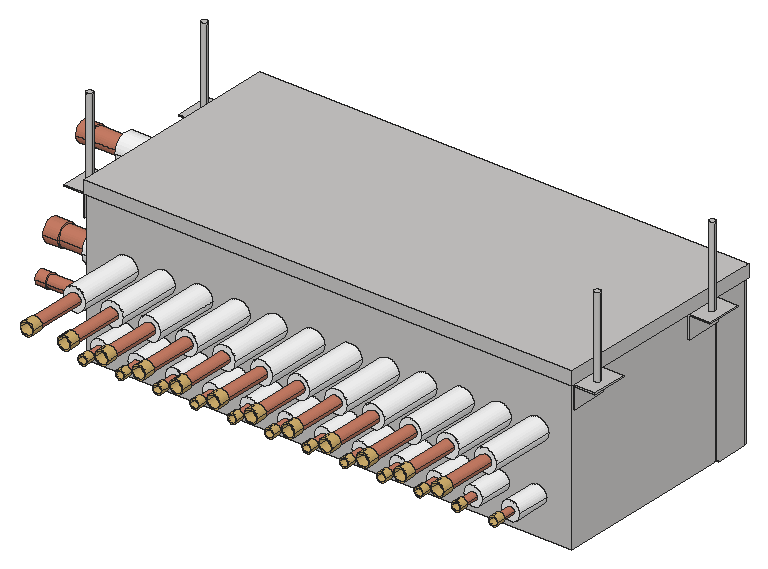
Revit family "Changeover_Box-VRF-Non_ducted-JCI-12_Port", category Mechanical Equipment, Revit 2014 (continued)
Dimensions and locks (in)
  radius of Extrusion 13 sketch curve = 0.200"
  "Length 2": radius of Extrusion 16 sketch curve  (x12)
  "Indoor Gas Body Radius": radius of Extrusion 17 sketch curve  (x12)
  "Indoor Gas Socket Outside Radius": radius of Extrusion 18 sketch curve  (x12)
  "Indoor Gas Socket Inside Radius": radius of Extrusion 19 sketch curve  (x12)
  "Indoor Liquid Body Radius": radius of Extrusion 20 sketch curve  (x12)
  "Indoor Liquid Socket Outside Radius": radius of Extrusion 21 sketch curve  (x12)
  "Indoor Liquid Socket Inside Radius": radius of Extrusion 22 sketch curve  (x12)
  "Length 3": radius of Extrusion 24 sketch curve  (x12)
  "Power Conduit Radius": radius of Extrusion 25 sketch curve
  "Comms Conduit Radius": radius of Extrusion 25 sketch curve  (x3)
  "Angle 1": angle Revolve 7 sketch curve to Revolve 7 sketch curve
  "Angle 1": angle Revolve 8 sketch curve to Revolve 8 sketch curve
  "Angle 1": angle Revolve 9 sketch curve to Revolve 9 sketch curve
  aligned and locked: Extrusion 1 sketch curve to plane 12 "Top"
  aligned and locked: plane 13 "Bottom" to Extrusion 1 sketch curve
  aligned and locked: plane 10 "Left Bolt Pitch" to Extrusion 2 sketch curve  (x2)
  aligned and locked: plane 11 "Right Bolt Pitch" to Extrusion 2 sketch curve  (x2)
  aligned and locked: plane 17 "Hanging Rods Height" to Extrusion 2
  aligned and locked: plane 2 to plane 13 "Bottom"
  aligned and locked: plane 6 "lid left" to Masking region 1 sketch curve
  aligned and locked: Masking region 1 sketch curve to plane 4 "Back"
  aligned and locked: Masking region 1 sketch curve to plane 7 "lid right"
  aligned and locked: Masking region 2 sketch curve to plane 12 "Top"
  aligned and locked: plane 6 "lid left" to Masking region 2 sketch curve
  aligned and locked: plane 13 "Bottom" to Masking region 2 sketch curve
  aligned and locked: Masking region 2 sketch curve to plane 7 "lid right"
  aligned and locked: Masking region 3 sketch curve to plane 12 "Top"
  aligned and locked: plane 5 "Front" to Masking region 3 sketch curve
  aligned and locked: Masking region 3 sketch curve to plane 4 "Back"
  aligned and locked: plane 13 "Bottom" to Masking region 3 sketch curve
  aligned and locked: plane 10 "Left Bolt Pitch" to curve 1
  aligned and locked: plane 11 "Right Bolt Pitch" to curve 2
  aligned and locked: plane 5 "Front" to Extrusion 1 sketch curve
  aligned and locked: Extrusion 1 sketch curve to plane 4 "Back"
  aligned and locked: plane 16 "bracket 1 front" to curve 3
  aligned and locked: curve 3 to plane 15 "plate bottom"
  aligned and locked: plane 17 "Hanging Rods Height" to curve 4
  aligned and locked: Masking region 4 sketch curve to plane 17 "Hanging Rods Height"  (x2)
  aligned and locked: Masking region 5 sketch curve to plane 14 "plate top"
  aligned and locked: plane 14 "plate top" to Masking region 5 sketch curve
  aligned and locked: plane 8 "upper bracket left" to Masking region 5 sketch curve
  aligned and locked: plane 15 "plate bottom" to Masking region 5 sketch curve
  aligned and locked: Masking region 5 sketch curve to plane 6 "lid left"
  aligned and locked: plane 9 "upper bracket right" to Masking region 5 sketch curve
  aligned and locked: Masking region 5 sketch curve to plane 7 "lid right"
  aligned and locked: Masking region 5 sketch curve to plane 15 "plate bottom"
  aligned and locked: plane 8 "upper bracket left" to curve 5
  aligned and locked: plane 6 "lid left" to curve 5
  aligned and locked: curve 5 to plane 14 "plate top"
  aligned and locked: plane 7 "lid right" to curve 6
  aligned and locked: plane 9 "upper bracket right" to curve 6
  aligned and locked: curve 6 to plane 14 "plate top"
  aligned and locked: plane 17 "Hanging Rods Height" to curve 7
  aligned and locked: plane 17 "Hanging Rods Height" to curve 8
  aligned and locked: plane 18 "bolt bottom" to curve 7
  aligned and locked: plane 18 "bolt bottom" to curve 8
  aligned and locked: curve 7 to plane 10 "Left Bolt Pitch"
  aligned and locked: curve 8 to plane 11 "Right Bolt Pitch"
  aligned and locked: Masking region 6 sketch curve to plane 17 "Hanging Rods Height"  (x2)
  aligned and locked: plane 12 "Top" to plane 19
  aligned and locked: plane 23 "Clearance Back" to Extrusion 3 sketch curve
  aligned and locked: plane 20 "Cleareance Left" to Extrusion 3 sketch curve
  aligned and locked: Extrusion 3 sketch curve to plane 22 "Clearance Front"
  aligned and locked: Extrusion 3 sketch curve to plane 21 "Clearance Right"
  aligned and locked: Extrusion 3 to plane 25 "Clearance Bottom"
  aligned and locked: plane 24 "Clearance Top" to Extrusion 3
  aligned: plane 18 "bolt bottom" to Extrusion 2
  aligned and locked: Masking region 4 sketch curve to plane 14 "plate top"
  aligned and locked: plane 14 "plate top" to Masking region 6 sketch curve  (x2)
  aligned and locked: Masking region 6 sketch curve to Masking region 6 sketch curve  (x4)
  aligned and locked: Masking region 6 sketch curve to plane 15 "plate bottom"  (x2)
  aligned and locked: Masking region 6 sketch curve to plane 18 "bolt bottom"  (x2)
  aligned and locked: Extrusion 2 to plane 14 "plate top"
  aligned and locked: Extrusion 4 sketch curve to Extrusion 2  (x4)
  aligned and locked: plane 18 "bolt bottom" to Extrusion 4
  aligned and locked: plane 15 "plate bottom" to Extrusion 4
  aligned and locked: Masking region 4 sketch curve to Masking region 4 sketch curve  (x4)
  aligned and locked: Masking region 4 sketch curve to plane 15 "plate bottom"  (x2)
  aligned and locked: Masking region 4 sketch curve to plane 18 "bolt bottom"  (x2)
  aligned and locked: curve 4 to plane 27 "rod 1 y cl"
  aligned and locked: plane 18 "bolt bottom" to curve 4
  aligned and locked: plane 20 "Cleareance Left" to curve 10
  aligned and locked: curve 9 to plane 24 "Clearance Top"
  aligned and locked: curve 12 to plane 21 "Clearance Right"
  aligned and locked: plane 25 "Clearance Bottom" to curve 11
  aligned and locked: curve 14 to plane 22 "Clearance Front"
  aligned and locked: plane 23 "Clearance Back" to curve 16
  aligned and locked: curve 13 to plane 24 "Clearance Top"
  aligned and locked: plane 25 "Clearance Bottom" to curve 15
  aligned and locked: plane 27 "rod 1 y cl" to curve 1
  aligned and locked: plane 27 "rod 1 y cl" to Extrusion 2 sketch curve  (x2)
  aligned and locked: plane 27 "rod 1 y cl" to curve 2
  aligned and locked: Extrusion 5 to plane 31 "body top"
  aligned and locked: plane 12 "Top" to Extrusion 5
  aligned and locked: Extrusion 6 sketch curve to plane 15 "plate bottom"
  aligned and locked: plane 14 "plate top" to Extrusion 6 sketch curve
  aligned and locked: Extrusion 6 sketch curve to plane 8 "upper bracket left"
  aligned and locked: Extrusion 6 sketch curve to Extrusion 6 sketch curve
  aligned and locked: Extrusion 6 sketch curve to plane 14 "plate top"
  aligned and locked: plane 15 "plate bottom" to Extrusion 6 sketch curve
  aligned and locked: Extrusion 6 sketch curve to plane 34 "bracket bottom"
  aligned and locked: Extrusion 6 sketch curve to plane 9 "upper bracket right"
  aligned and locked: plane 7 "lid right" to Extrusion 6 sketch curve
  aligned and locked: plane 26 "bracket 1 back" to Extrusion 6
  aligned and locked: Extrusion 6 to plane 16 "bracket 1 front"
  aligned and locked: plane 38 "outside discharge gas y cl" to Revolve 7 sketch curve
  aligned and locked: Revolve 7 sketch curve to plane 32 "body left"
  aligned and locked: Revolve 7 sketch curve to plane 45 "outdoor gas insulation left"
  aligned and locked: plane 28 "Left" to Revolve 7 sketch curve
  aligned and locked: Revolve 7 sketch curve to Revolve 7 sketch curve
  aligned and locked: plane 39 "outdoor liquid y cl" to Revolve 8 sketch curve
  aligned and locked: plane 44 "outdoor liquid inuslation left" to Revolve 8 sketch curve
  aligned and locked: plane 32 "body left" to Revolve 8 sketch curve
  aligned and locked: Revolve 8 sketch curve to Revolve 8 sketch curve
  aligned and locked: plane 40 "outside suction gas y cl" to Revolve 9 sketch curve
  aligned and locked: Revolve 9 sketch curve to plane 28 "Left"
  aligned and locked: plane 32 "body left" to Revolve 9 sketch curve
  aligned and locked: Revolve 9 sketch curve to plane 45 "outdoor gas insulation left"
  aligned and locked: Revolve 9 sketch curve to Revolve 9 sketch curve
  aligned and locked: Extrusion 10 sketch curve to plane 4 "Back"
  aligned and locked: Extrusion 10 to plane 12 "Top"
  aligned and locked: Extrusion 10 to plane 13 "Bottom"
  aligned and locked: plane 29 "Right" to Extrusion 1
  aligned and locked: Extrusion 1 to plane 28 "Left"
  aligned and locked: Masking region 7 sketch curve to Masking region 7 sketch curve  (x2)
  aligned and locked: Masking region 7 sketch curve to Revolve 8  (x7)
  aligned and locked: Revolve 8 to Masking region 7 sketch curve
  aligned and locked: plane 6 "lid left" to Masking region 7 sketch curve
  aligned and locked: Masking region 7 to curve 17  (x2)
  aligned and locked: curve 17 to Masking region 7
  aligned and locked: Masking region 7 to curve 18  (x2)
  aligned and locked: curve 18 to Masking region 7
  aligned and locked: Masking region 8 sketch curve to Masking region 8 sketch curve  (x3)
  aligned and locked: Masking region 8 sketch curve to Revolve 9  (x7)
  aligned and locked: plane 6 "lid left" to Masking region 8 sketch curve  (x2)
  aligned and locked: Revolve 9 to Masking region 8 sketch curve
  aligned and locked: Masking region 8 sketch curve to plane 28 "Left"  (x2)
  aligned and locked: Masking region 8 to curve 20  (x2)
  aligned and locked: Masking region 8 to curve 19  (x2)
  aligned and locked: curve 20 to Masking region 8
  aligned and locked: curve 19 to Masking region 8
  aligned and locked: curve 21 to Extrusion 6
  aligned and locked: curve 22 to Extrusion 6
  aligned and locked: curve 23 to Extrusion 6
  aligned and locked: curve 28 to Revolve 9
  aligned and locked: curve 29 to Revolve 9
  aligned and locked: curve 27 to Revolve 8
  aligned and locked: curve 26 to Revolve 8
  aligned and locked: curve 24 to Revolve 7
  aligned and locked: curve 25 to Revolve 7
  aligned and locked: Masking region 9 sketch curve to Extrusion 1  (x4)
  aligned and locked: Masking region 5 sketch curve to plane 34 "bracket bottom"
  aligned and locked: plane 34 "bracket bottom" to Masking region 5 sketch curve
  aligned and locked: Masking region 5 sketch curve to Extrusion 6
  aligned and locked: Masking region 10 sketch curve to Extrusion 1  (x4)
  aligned and locked: plane 20 "Cleareance Left" to curve 31
  aligned and locked: curve 32 to plane 22 "Clearance Front"
  aligned and locked: curve 33 to plane 21 "Clearance Right"
  aligned and locked: plane 23 "Clearance Back" to curve 30
  aligned and locked: plane 38 "outside discharge gas y cl" to Extrusion 11 sketch curve
  aligned and locked: plane 41 "outdoor discharge gas z cl" to Extrusion 11 sketch curve
  aligned and locked: plane 39 "outdoor liquid y cl" to Extrusion 12 sketch curve
  aligned and locked: plane 42 "outdoor liquid z cl" to Extrusion 12 sketch curve
  aligned and locked: plane 40 "outside suction gas y cl" to Extrusion 13 sketch curve
  aligned and locked: plane 43 "outdoor suction gas z cl" to Extrusion 13 sketch curve
  aligned and locked: Extrusion 5 sketch curve to plane 7 "lid right"
  aligned and locked: Extrusion 5 sketch curve to plane 4 "Back"
  aligned and locked: plane 6 "lid left" to Extrusion 5 sketch curve
  aligned and locked: plane 2 to level
  aligned and locked: Extrusion 14 sketch curve to plane 31 "body top"
  aligned and locked: Extrusion 14 sketch curve to plane 47 "body back"
  aligned and locked: Extrusion 14 sketch curve to plane 48 "body front"
  aligned and locked: Extrusion 14 sketch curve to plane 13 "Bottom"
  aligned and locked: Extrusion 14 sketch curve to Extrusion 14 sketch curve
  aligned and locked: Extrusion 14 to plane 32 "body left"
  aligned and locked: plane 33 "body right" to Extrusion 14
  aligned and locked: plane 13 "Bottom" to Extrusion 15 sketch curve
  aligned and locked: plane 30 "trim back 1" to Extrusion 15 sketch curve
  aligned and locked: Extrusion 15 sketch curve to plane 31 "body top"
  aligned and locked: Extrusion 15 to plane 6 "lid left"
  aligned and locked: plane 7 "lid right" to Extrusion 15
  aligned and locked: plane 14 "plate top" to plane 31 "body top"
  aligned and locked: plane 60 "lid front" to Extrusion 5 sketch curve
  aligned and locked: plane 53 "front gas x cl" to Extrusion 16 sketch curve
  aligned and locked: plane 55 to Extrusion 16 sketch curve
  aligned and locked: plane 57 to Extrusion 16 sketch curve
  aligned and locked: plane 59 to Extrusion 16 sketch curve
  aligned and locked: plane 48 "body front" to Extrusion 16
  aligned and locked: Extrusion 16 to plane 61 "gas insulation front"
  aligned and locked: plane 53 "front gas x cl" to Extrusion 17 sketch curve
  aligned and locked: plane 55 to Extrusion 17 sketch curve
  aligned and locked: plane 57 to Extrusion 17 sketch curve
  aligned and locked: plane 59 to Extrusion 17 sketch curve
  aligned and locked: plane 61 "gas insulation front" to Extrusion 17
  aligned and locked: Extrusion 17 to plane 62 "indoor gas socket back"
  aligned and locked: plane 53 "front gas x cl" to Extrusion 18 sketch curve
  aligned and locked: plane 55 to Extrusion 18 sketch curve
  aligned and locked: plane 57 to Extrusion 18 sketch curve
  aligned and locked: plane 59 to Extrusion 18 sketch curve
  aligned and locked: Extrusion 18 to plane 5 "Front"
  aligned and locked: plane 62 "indoor gas socket back" to Extrusion 18
  aligned and locked: plane 53 "front gas x cl" to Extrusion 19 sketch curve
  aligned and locked: plane 55 to Extrusion 19 sketch curve
  aligned and locked: plane 57 to Extrusion 19 sketch curve
  aligned and locked: plane 59 to Extrusion 19 sketch curve
  aligned and locked: Extrusion 19 to plane 65 "gas void front"
  aligned and locked: plane 64 "gas void back" to Extrusion 19
  aligned and locked: plane 52 "front liquid x cl" to Extrusion 20 sketch curve
  aligned and locked: plane 54 to Extrusion 20 sketch curve
  aligned and locked: plane 56 to Extrusion 20 sketch curve
  aligned and locked: plane 58 to Extrusion 20 sketch curve
  aligned and locked: plane 37 "indoor liquid z cl" to Extrusion 20 sketch curve  (x12)
  aligned and locked: plane 52 "front liquid x cl" to Extrusion 21 sketch curve
  aligned and locked: plane 37 "indoor liquid z cl" to Extrusion 21 sketch curve  (x12)
  aligned and locked: plane 54 to Extrusion 21 sketch curve
  aligned and locked: plane 56 to Extrusion 21 sketch curve
  aligned and locked: plane 58 to Extrusion 21 sketch curve
  aligned and locked: plane 63 "indoor liquid socket back" to Extrusion 21
  aligned and locked: plane 52 "front liquid x cl" to Extrusion 22 sketch curve
  aligned and locked: plane 37 "indoor liquid z cl" to Extrusion 22 sketch curve  (x12)
  aligned and locked: plane 54 to Extrusion 22 sketch curve
  aligned and locked: plane 56 to Extrusion 22 sketch curve
  aligned and locked: plane 58 to Extrusion 22 sketch curve
  aligned and locked: plane 66 "liquid void back" to Extrusion 22
  aligned and locked: Extrusion 22 to plane 67 "liquid void front"
  aligned and locked: Masking region 11 sketch curve to Masking region 11 sketch curve  (x4)
  aligned and locked: plane 48 "body front" to Masking region 11 sketch curve
  aligned and locked: Masking region 11 to curve 34  (x2)
  aligned and locked: curve 34 to Masking region 11
  aligned and locked: Masking region 11 to curve 35  (x2)
  aligned and locked: curve 35 to Masking region 11
  aligned and locked: plane 60 "lid front" to Masking region 1 sketch curve
  aligned and locked: plane 48 "body front" to Extrusion 10 sketch curve
  aligned and locked: plane 32 "body left" to Extrusion 10 sketch curve
  aligned and locked: Extrusion 10 sketch curve to plane 33 "body right"
  aligned and locked: Masking region 12 sketch curve to plane 4 "Back"
  aligned and locked: Masking region 12 sketch curve to plane 12 "Top"
  aligned and locked: plane 48 "body front" to Masking region 12 sketch curve
  aligned and locked: plane 13 "Bottom" to Masking region 12 sketch curve
  aligned and locked: curve 37 to Extrusion 16
  aligned and locked: curve 39 to Extrusion 16
  aligned and locked: curve 41 to Extrusion 16
  aligned and locked: curve 43 to Extrusion 16
  aligned and locked: curve 44 to cut or joined group of Extrusion 21, Extrusion 22
  aligned and locked: curve 45 to cut or joined group of Extrusion 18, Extrusion 19
  aligned and locked: curve 46 to cut or joined group of Extrusion 21, Extrusion 22
  aligned and locked: curve 47 to cut or joined group of Extrusion 18, Extrusion 19
  aligned and locked: curve 48 to cut or joined group of Extrusion 21, Extrusion 22
  aligned and locked: curve 49 to cut or joined group of Extrusion 18, Extrusion 19
  aligned and locked: curve 50 to cut or joined group of Extrusion 21, Extrusion 22
  aligned and locked: curve 51 to cut or joined group of Extrusion 18, Extrusion 19
  aligned and locked: Masking region 13 sketch curve to Masking region 10  (x4)
  aligned and locked: curve 52 to plane 31 "body top"
  aligned and locked: Masking region 2 to curve 52  (x2)
  aligned and locked: plane 31 "body top" to Masking region 14 sketch curve  (x2)
  aligned and locked: plane 47 "body back" to Masking region 14 sketch curve
  aligned and locked: Masking region 14 sketch curve to plane 4 "Back"
  aligned and locked: Masking region 14 sketch curve to plane 19
  aligned and locked: Masking region 14 sketch curve to plane 13 "Bottom"  (x2)
  aligned and locked: Masking region 14 sketch curve to Extrusion 15
  aligned and locked: Masking region 14 sketch curve to plane 48 "body front"
  aligned and locked: plane 60 "lid front" to Masking region 14 sketch curve
  aligned and locked: plane 48 "body front" to plane 16 "bracket 1 front"
  aligned and locked: Extrusion 23 sketch curve to Extrusion 6  (x12)
  aligned and locked: plane 69 "bracket 2 back" to Extrusion 23
  aligned and locked: Extrusion 23 to plane 68 "bracket 2 front"
  aligned and locked: plane 70 to Extrusion 2 sketch curve  (x2)
  aligned and locked: plane 14 "plate top" to Masking region 4 sketch curve
  aligned and locked: curve 54 to Extrusion 2
  aligned and locked: curve 55 to Extrusion 2
  aligned and locked: plane 29 "Right" to plane 9 "upper bracket right"
  aligned and locked: plane 71 "indoor gas z cl" to Extrusion 16 sketch curve  (x10)
  aligned and locked: plane 52 "front liquid x cl" to Extrusion 16 sketch curve
  aligned and locked: plane 54 to Extrusion 16 sketch curve
  aligned and locked: plane 56 to Extrusion 16 sketch curve
  aligned and locked: plane 58 to Extrusion 16 sketch curve
  aligned and locked: plane 72 to Extrusion 16 sketch curve
  aligned and locked: plane 73 to Extrusion 16 sketch curve
  aligned and locked: plane 75 to Extrusion 16 sketch curve
  aligned and locked: plane 74 to Extrusion 16 sketch curve
  aligned and locked: plane 71 "indoor gas z cl" to Extrusion 17 sketch curve  (x12)
  aligned and locked: plane 52 "front liquid x cl" to Extrusion 17 sketch curve
  aligned and locked: plane 54 to Extrusion 17 sketch curve
  aligned and locked: plane 56 to Extrusion 17 sketch curve
  aligned and locked: plane 75 to Extrusion 17 sketch curve
  aligned and locked: plane 74 to Extrusion 17 sketch curve
  aligned and locked: plane 73 to Extrusion 17 sketch curve
  aligned and locked: plane 72 to Extrusion 17 sketch curve
  aligned and locked: plane 58 to Extrusion 17 sketch curve
  aligned and locked: plane 71 "indoor gas z cl" to Extrusion 18 sketch curve  (x12)
  aligned and locked: plane 52 "front liquid x cl" to Extrusion 18 sketch curve
  aligned and locked: plane 54 to Extrusion 18 sketch curve
  aligned and locked: plane 75 to Extrusion 18 sketch curve
  aligned and locked: plane 74 to Extrusion 18 sketch curve
  aligned and locked: plane 73 to Extrusion 18 sketch curve
  aligned and locked: plane 72 to Extrusion 18 sketch curve
  aligned and locked: plane 58 to Extrusion 18 sketch curve
  aligned and locked: plane 56 to Extrusion 18 sketch curve
  aligned and locked: plane 71 "indoor gas z cl" to Extrusion 19 sketch curve  (x12)
  aligned and locked: plane 52 "front liquid x cl" to Extrusion 19 sketch curve
  aligned and locked: plane 75 to Extrusion 19 sketch curve
  aligned and locked: plane 74 to Extrusion 19 sketch curve
  aligned and locked: plane 73 to Extrusion 19 sketch curve
  aligned and locked: plane 72 to Extrusion 19 sketch curve
  aligned and locked: plane 58 to Extrusion 19 sketch curve
  aligned and locked: plane 56 to Extrusion 19 sketch curve
  aligned and locked: plane 54 to Extrusion 19 sketch curve
  aligned and locked: plane 53 "front gas x cl" to Extrusion 20 sketch curve
  aligned and locked: plane 55 to Extrusion 20 sketch curve
  aligned and locked: plane 57 to Extrusion 20 sketch curve
  aligned and locked: plane 75 to Extrusion 20 sketch curve
  aligned and locked: plane 74 to Extrusion 20 sketch curve
  aligned and locked: plane 73 to Extrusion 20 sketch curve
  aligned and locked: plane 72 to Extrusion 20 sketch curve
  aligned and locked: plane 59 to Extrusion 20 sketch curve
  aligned and locked: plane 75 to Extrusion 21 sketch curve
  aligned and locked: plane 74 to Extrusion 21 sketch curve
  aligned and locked: plane 73 to Extrusion 21 sketch curve
  aligned and locked: plane 72 to Extrusion 21 sketch curve
  aligned and locked: plane 59 to Extrusion 21 sketch curve
  aligned and locked: plane 57 to Extrusion 21 sketch curve
  aligned and locked: plane 55 to Extrusion 21 sketch curve
  aligned and locked: plane 53 "front gas x cl" to Extrusion 21 sketch curve
  aligned and locked: plane 75 to Extrusion 22 sketch curve
  aligned and locked: plane 74 to Extrusion 22 sketch curve
  aligned and locked: plane 73 to Extrusion 22 sketch curve
  aligned and locked: plane 72 to Extrusion 22 sketch curve
  aligned and locked: plane 59 to Extrusion 22 sketch curve
  aligned and locked: plane 57 to Extrusion 22 sketch curve
  aligned and locked: plane 55 to Extrusion 22 sketch curve
  aligned and locked: plane 53 "front gas x cl" to Extrusion 22 sketch curve
  aligned and locked: plane 52 "front liquid x cl" to Extrusion 24 sketch curve
  aligned and locked: plane 37 "indoor liquid z cl" to Extrusion 24 sketch curve  (x12)
  aligned and locked: plane 53 "front gas x cl" to Extrusion 24 sketch curve
  aligned and locked: plane 54 to Extrusion 24 sketch curve
  aligned and locked: plane 55 to Extrusion 24 sketch curve
  aligned and locked: plane 56 to Extrusion 24 sketch curve
  aligned and locked: plane 57 to Extrusion 24 sketch curve
  aligned and locked: plane 58 to Extrusion 24 sketch curve
  aligned and locked: plane 59 to Extrusion 24 sketch curve
  aligned and locked: plane 72 to Extrusion 24 sketch curve
  aligned and locked: plane 73 to Extrusion 24 sketch curve
  aligned and locked: plane 74 to Extrusion 24 sketch curve
  aligned and locked: plane 75 to Extrusion 24 sketch curve
  aligned and locked: plane 48 "body front" to Extrusion 24
  aligned and locked: plane 77 to Extrusion 24
  aligned and locked: cut or joined group of Extrusion 21, Extrusion 22 to plane 76 "indoor liquid front"
  aligned and locked: Extrusion 20 to plane 77
  aligned and locked: Extrusion 20 to plane 63 "indoor liquid socket back"
  aligned and locked: plane 78 "outside liquid left" to Masking region 7 sketch curve
  aligned and locked: Extrusion 23 to Masking region 15 sketch curve  (x2)
  aligned and locked: Masking region 15 sketch curve to Extrusion 23  (x6)
  aligned and locked: Extrusion 6 to Masking region 15 sketch curve  (x2)
  aligned and locked: Masking region 15 sketch curve to Extrusion 6  (x6)
  aligned and locked: Masking region 8 sketch curve to Revolve 7  (x6)
  aligned and locked: Revolve 7 to Masking region 8 sketch curve
  aligned and locked: plane 45 "outdoor gas insulation left" to Masking region 8 sketch curve  (x2)
  aligned and locked: Masking region 8 to curve 57  (x2)
  aligned and locked: Masking region 8 to curve 56
  aligned and locked: curve 56 to Masking region 8  (x2)
  aligned and locked: curve 57 to Masking region 8
  aligned and locked: Masking region 16 sketch curve to Masking region 16 sketch curve  (x27)
  aligned and locked: plane 5 "Front" to Masking region 16 sketch curve  (x3)
  aligned and locked: Masking region 16 sketch curve to plane 62 "indoor gas socket back"  (x5)
  aligned and locked: plane 61 "gas insulation front" to Masking region 16 sketch curve
  aligned and locked: Masking region 16 sketch curve to plane 60 "lid front"
  aligned and locked: Masking region 16 sketch curve to Extrusion 16  (x23)
  aligned and locked: Masking region 16 sketch curve to Extrusion 17  (x23)
  aligned and locked: Masking region 16 sketch curve to cut or joined group of Extrusion 18, Extrusion 19  (x24)
  aligned and locked: Masking region 16 to curve 58  (x2)
  aligned and locked: curve 58 to Masking region 16
  aligned and locked: Masking region 16 to curve 70  (x2)
  aligned and locked: curve 70 to Masking region 16
  aligned and locked: Masking region 16 to curve 71
  aligned and locked: curve 71 to Masking region 16  (x2)
  aligned and locked: Masking region 16 to curve 59  (x2)
  aligned and locked: curve 59 to Masking region 16
  aligned and locked: curve 60 to Masking region 16
  aligned and locked: Masking region 16 to curve 60  (x2)
  aligned and locked: Masking region 16 to curve 72
  aligned and locked: curve 72 to Masking region 16  (x2)
  aligned and locked: Masking region 16 to curve 73
  aligned and locked: curve 73 to Masking region 16  (x2)
  aligned and locked: curve 61 to Masking region 16
  aligned and locked: Masking region 16 to curve 61  (x2)
  aligned and locked: curve 62 to Masking region 16
  aligned and locked: Masking region 16 to curve 62  (x2)
  aligned and locked: Masking region 16 to curve 74
  aligned and locked: curve 74 to Masking region 16  (x2)
  aligned and locked: curve 63 to Masking region 16
  aligned and locked: Masking region 16 to curve 63  (x2)
  aligned and locked: Masking region 16 to curve 75
  aligned and locked: curve 75 to Masking region 16  (x2)
  aligned and locked: curve 64 to Masking region 16
  aligned and locked: Masking region 16 to curve 64  (x2)
  aligned and locked: Masking region 16 to curve 76
  aligned and locked: curve 76 to Masking region 16  (x2)
  aligned and locked: curve 65 to Masking region 16
  aligned and locked: Masking region 16 to curve 65  (x2)
  aligned and locked: Masking region 16 to curve 77
  aligned and locked: curve 77 to Masking region 16  (x2)
  aligned and locked: curve 66 to Masking region 16
  aligned and locked: Masking region 16 to curve 66  (x2)
  aligned and locked: Masking region 16 to curve 78
  aligned and locked: curve 78 to Masking region 16  (x2)
  aligned and locked: curve 67 to Masking region 16
  aligned and locked: Masking region 16 to curve 67  (x2)
  aligned and locked: Masking region 16 to curve 79
  aligned and locked: curve 79 to Masking region 16  (x2)
  aligned and locked: curve 68 to Masking region 16
  aligned and locked: Masking region 16 to curve 68  (x2)
  aligned and locked: Masking region 16 to curve 80
  aligned and locked: curve 80 to Masking region 16  (x2)
  aligned and locked: curve 69 to Masking region 16
  aligned and locked: Masking region 16 to curve 69  (x2)
  aligned and locked: Masking region 16 to curve 81
  aligned and locked: curve 81 to Masking region 16  (x2)
  aligned and locked: plane 35 "control z cl" to Extrusion 25
  aligned and locked: Extrusion 25 to plane 13 "Bottom"
  aligned and locked: curve 82 to Extrusion 23
  aligned and locked: curve 83 to Extrusion 23
  aligned and locked: curve 84 to Extrusion 23
  aligned and locked: curve 85 to Extrusion 15
  aligned and locked: curve 86 to Extrusion 15
  aligned and locked: Masking region 17 sketch curve to plane 45 "outdoor gas insulation left"  (x3)
  aligned and locked: Masking region 17 sketch curve to Masking region 17 sketch curve  (x4)
  aligned and locked: Masking region 17 sketch curve to plane 28 "Left"  (x2)
  aligned and locked: Masking region 17 to curve 89
  aligned and locked: curve 89 to Masking region 17  (x2)
  aligned and locked: Masking region 17 to curve 90  (x3)
  aligned and locked: curve 87 to Masking region 17  (x2)
  aligned and locked: Masking region 17 to curve 87
  aligned and locked: Masking region 17 to curve 88  (x2)
  aligned and locked: curve 88 to Masking region 17
  aligned and locked: curve 53 to Masking region 14
  aligned and locked: Masking region 14 to curve 53
  aligned and locked: plane 6 "lid left" to Masking region 17 sketch curve
  aligned and locked: Masking region 11 sketch curve to plane 77
  aligned and locked: plane 63 "indoor liquid socket back" to Masking region 11 sketch curve
  aligned and locked: Masking region 11 sketch curve to plane 76 "indoor liquid front"
  aligned and locked: curve 91 to Masking region 11  (x2)
  aligned and locked: Masking region 11 to curve 91
  aligned and locked: Masking region 11 to curve 92  (x2)
  aligned and locked: curve 92 to Masking region 11
  aligned and locked: curve 94 to Extrusion 16
  aligned and locked: curve 93 to Extrusion 19
  aligned and locked: curve 95 to Extrusion 16
  aligned and locked: curve 96 to Extrusion 19
  aligned and locked: curve 97 to Extrusion 16
  aligned and locked: curve 98 to Extrusion 19
  aligned and locked: curve 99 to Extrusion 16
  aligned and locked: curve 100 to Extrusion 19
  aligned and locked: curve 101 to Extrusion 16
  aligned and locked: curve 102 to Extrusion 19
  aligned and locked: curve 103 to Extrusion 16
  aligned and locked: curve 104 to Extrusion 19
  aligned and locked: curve 105 to Extrusion 16
  aligned and locked: curve 106 to Extrusion 19
  aligned and locked: curve 108 to Extrusion 16
  aligned and locked: curve 107 to Extrusion 19
  aligned and locked: curve 110 to Extrusion 24
  aligned and locked: curve 109 to Extrusion 22
  aligned and locked: curve 112 to Extrusion 24
  aligned and locked: curve 111 to Extrusion 22
  aligned and locked: curve 114 to Extrusion 24
  aligned and locked: curve 113 to Extrusion 22
  aligned and locked: curve 116 to Extrusion 24
  aligned and locked: curve 115 to Extrusion 22
  aligned and locked: curve 118 to Extrusion 24
  aligned and locked: curve 117 to Extrusion 22
  aligned and locked: curve 120 to Extrusion 24
  aligned and locked: curve 119 to Extrusion 22
  aligned and locked: curve 122 to Extrusion 24
  aligned and locked: curve 121 to Extrusion 22
  aligned and locked: curve 123 to Extrusion 24
  aligned and locked: curve 124 to Extrusion 22
  aligned and locked: plane 78 "outside liquid left" to Revolve 8 sketch curve
  aligned and locked: Masking region 18 sketch curve to Masking region 18 sketch curve  (x2)
  aligned and locked: plane 6 "lid left" to Masking region 18 sketch curve
  aligned and locked: Masking region 18 sketch curve to plane 44 "outdoor liquid inuslation left"
  aligned and locked: Masking region 18 sketch curve to plane 78 "outside liquid left"
  aligned and locked: Masking region 18 to curve 125  (x2)
  aligned and locked: Masking region 18 to curve 126  (x2)
  aligned and locked: curve 126 to Masking region 18
  aligned and locked: curve 125 to Masking region 18
  aligned and locked: curve 127 to plane 70
Automatic sketch dimensions
  Revolve 8 sketch curve to plane 20 "Cleareance Left" = 2.41904"
  plane 3 "Center (Left/Right)" to Revolve 8 sketch curve = 2.34596"
  Extrusion 14 sketch curve to plane 30 "trim back 1" = 0.000"
  plane 30 "trim back 1" to Extrusion 14 sketch curve = 0.13317"
  level to Extrusion 14 sketch curve = 0.13317"
  plane 59 to Revolve 7 sketch curve = 1.90891"
  Revolve 7 sketch curve to plane 20 "Cleareance Left" = 0.72109"
  plane 9 "upper bracket right" to Revolve 9 sketch curve = 0.56864"
  Revolve 9 sketch curve to plane 20 "Cleareance Left" = 6.33136"
  Extrusion 16 sketch curve to plane 71 "indoor gas z cl" = 0.000"  (x2)
  plane 30 "trim back 1" to Extrusion 15 sketch curve = 0.13317"
  level to Extrusion 15 sketch curve = 0.13317"
  Masking region 14 sketch curve to plane 30 "trim back 1" = 0.000"
  curve 3 to plane 26 "bracket 1 back" = 0.000"
  plane 18 "bolt bottom" to curve 127 = 0.000"
  curve 127 to plane 17 "Hanging Rods Height" = 0.000"
  curve 23 to plane 14 "plate top" = 0.000"
  curve 21 to plane 14 "plate top" = 0.000"
  curve 36 to curve 44 = 0.000"  (x2)
  curve 38 to curve 46 = 0.000"  (x2)
  curve 40 to curve 48 = 0.000"  (x2)
  curve 42 to curve 50 = 0.000"  (x2)
  Extrusion 6 sketch curve to plane 6 "lid left" = 0.000"
  curve 82 to plane 69 "bracket 2 back" = 0.000"
  curve 84 to plane 69 "bracket 2 back" = 0.000"
  curve 85 to level = 0.000"
  curve 86 to plane 14 "plate top" = 0.000"
  level to curve 86 = 0.13317"
  Masking region 11 sketch curve to plane 5 "Front" = 0.000"
  Masking region 11 sketch curve to plane 62 "indoor gas socket back" = 0.000"
  Masking region 11 sketch curve to plane 61 "gas insulation front" = 0.000"
  Masking region 11 sketch curve to plane 16 "bracket 1 front" = 0.000"
  Masking region 16 sketch curve to plane 60 "lid front" = 0.000"  (x11)
  Masking region 16 sketch curve to plane 61 "gas insulation front" = 0.000"  (x11)
  Masking region 16 sketch curve to plane 62 "indoor gas socket back" = 0.000"  (x8)
  Masking region 16 sketch curve to plane 5 "Front" = 0.000"  (x5)
  Masking region 16 sketch curve to plane 3 "Center (Left/Right)" = 0.319"
  Masking region 16 sketch curve to Masking region 16 sketch curve = 0.06403"
  radius of curve 36 = 0.5875"
  radius of curve 38 = 0.5875"
  radius of curve 40 = 0.5875"
  radius of curve 42 = 0.5875"
Connectors (in)
  piping at (-22.34762, 3.9695, 1.625), diameter 1.125, driven by "Outdoor Discharge Gas Radius"
    settings: on Extrusion 11, index 5, connector inside diameter 24", connector length 0.000", flow factor 0, pipe flow 0 GPM, pressure drop 0.00 psi, fitting loss kfactor 0, connector angle 0.00°, fixture units 0, engagement length 0.000", angle of deflection 0.00°, flow configuration 0, flow direction 0, fitting loss method 0, system type 22, joint type 0, gender type 0, connector reference index -1, connector utility 0, adjustable connector no, is connector primary yes, connector description "Outdoor Discharge Gas"
  piping at (-19.23512, -1.156, 2.375), diameter 0.625, driven by "Outdoor Liquid Radius"
    settings: on Extrusion 12, index 6, connector inside diameter 24", connector length 0.000", flow factor 0, pipe flow 0 GPM, pressure drop 0.00 psi, fitting loss kfactor 0, connector angle 0.00°, fixture units 0, engagement length 0.000", angle of deflection 0.00°, flow configuration 0, flow direction 0, fitting loss method 0, system type 22, joint type 0, gender type 0, connector reference index -1, connector utility 0, adjustable connector no, is connector primary no, connector description "Outdoor Liquid"
  piping at (-22.4195, 6.5315, 6.125), diameter 1, driven by "Outdoor Suction Gas Radius"
    settings: on Extrusion 13, index 7, connector inside diameter 24", connector length 0.000", flow factor 0, pipe flow 0 GPM, pressure drop 0.00 psi, fitting loss kfactor 0, connector angle 0.00°, fixture units 0, engagement length 0.000", angle of deflection 0.00°, flow configuration 0, flow direction 0, fitting loss method 0, system type 22, joint type 0, gender type 0, connector reference index -1, connector utility 0, adjustable connector no, is connector primary no, connector description "Outdoor Suction Gas"
  piping at (-10.5315, -10.29713, 6.125), diameter 0.625, driven by "Indoor Gas Radius"
    settings: on Extrusion 19, index 8, connector inside diameter 24", connector length 0.000", flow factor 0, pipe flow 0 GPM, pressure drop 0.00 psi, fitting loss kfactor 0, connector angle 0.00°, fixture units 0, engagement length 0.000", angle of deflection 0.00°, flow configuration 0, flow direction 0, fitting loss method 0, system type 22, joint type 0, gender type 0, connector reference index -1, connector utility 0, adjustable connector no, is connector primary no, connector description "Indoor Gas 2"
  piping at (-5.7815, -10.29713, 6.125), diameter 0.625, driven by "Indoor Gas Radius"
    settings: on Extrusion 19, index 9, connector inside diameter 24", connector length 0.000", flow factor 0, pipe flow 0 GPM, pressure drop 0.00 psi, fitting loss kfactor 0, connector angle 0.00°, fixture units 0, engagement length 0.000", angle of deflection 0.00°, flow configuration 0, flow direction 0, fitting loss method 0, system type 22, joint type 0, gender type 0, connector reference index -1, connector utility 0, adjustable connector no, is connector primary no, connector description "Indoor Gas 4"
  piping at (-1.0315, -10.29713, 6.125), diameter 0.625, driven by "Indoor Gas Radius"
    settings: on Extrusion 19, index 10, connector inside diameter 24", connector length 0.000", flow factor 0, pipe flow 0 GPM, pressure drop 0.00 psi, fitting loss kfactor 0, connector angle 0.00°, fixture units 0, engagement length 0.000", angle of deflection 0.00°, flow configuration 0, flow direction 0, fitting loss method 0, system type 22, joint type 0, gender type 0, connector reference index -1, connector utility 0, adjustable connector no, is connector primary no, connector description "Indoor Gas 6"
  piping at (3.7185, -10.29713, 6.125), diameter 0.625, driven by "Indoor Gas Radius"
    settings: on Extrusion 19, index 11, connector inside diameter 24", connector length 0.000", flow factor 0, pipe flow 0 GPM, pressure drop 0.00 psi, fitting loss kfactor 0, connector angle 0.00°, fixture units 0, engagement length 0.000", angle of deflection 0.00°, flow configuration 0, flow direction 0, fitting loss method 0, system type 22, joint type 0, gender type 0, connector reference index -1, connector utility 0, adjustable connector no, is connector primary no, connector description "Indoor Gas 8"
  piping at (-12.9065, -6.00288, 2.375), diameter 0.375, driven by "Indoor Liquid Radius"
    settings: on Extrusion 22, index 12, connector inside diameter 24", connector length 0.000", flow factor 0, pipe flow 0 GPM, pressure drop 0.00 psi, fitting loss kfactor 0, connector angle 0.00°, fixture units 0, engagement length 0.000", angle of deflection 0.00°, flow configuration 0, flow direction 0, fitting loss method 0, system type 22, joint type 0, gender type 0, connector reference index -1, connector utility 0, adjustable connector no, is connector primary no, connector description "Indoor Liquid 1"
  piping at (-8.1565, -6.00288, 2.375), diameter 0.375, driven by "Indoor Liquid Radius"
    settings: on Extrusion 22, index 13, connector inside diameter 24", connector length 0.000", flow factor 0, pipe flow 0 GPM, pressure drop 0.00 psi, fitting loss kfactor 0, connector angle 0.00°, fixture units 0, engagement length 0.000", angle of deflection 0.00°, flow configuration 0, flow direction 0, fitting loss method 0, system type 22, joint type 0, gender type 0, connector reference index -1, connector utility 0, adjustable connector no, is connector primary no, connector description "Indoor Liquid 3"
  piping at (-3.4065, -6.00288, 2.375), diameter 0.375, driven by "Indoor Liquid Radius"
    settings: on Extrusion 22, index 14, connector inside diameter 24", connector length 0.000", flow factor 0, pipe flow 0 GPM, pressure drop 0.00 psi, fitting loss kfactor 0, connector angle 0.00°, fixture units 0, engagement length 0.000", angle of deflection 0.00°, flow configuration 0, flow direction 0, fitting loss method 0, system type 22, joint type 0, gender type 0, connector reference index -1, connector utility 0, adjustable connector no, is connector primary no, connector description "Indoor Liquid 5"
  piping at (1.3435, -6.00288, 2.375), diameter 0.375, driven by "Indoor Liquid Radius"
    settings: on Extrusion 22, index 15, connector inside diameter 24", connector length 0.000", flow factor 0, pipe flow 0 GPM, pressure drop 0.00 psi, fitting loss kfactor 0, connector angle 0.00°, fixture units 0, engagement length 0.000", angle of deflection 0.00°, flow configuration 0, flow direction 0, fitting loss method 0, system type 22, joint type 0, gender type 0, connector reference index -1, connector utility 0, adjustable connector no, is connector primary no, connector description "Indoor Liquid 7"
  piping at (-10.5315, -6.00288, 2.375), diameter 0.375, driven by "Indoor Liquid Radius"
    settings: on Extrusion 22, index 16, connector inside diameter 24", connector length 0.000", flow factor 0, pipe flow 0 GPM, pressure drop 0.00 psi, fitting loss kfactor 0, connector angle 0.00°, fixture units 0, engagement length 0.000", angle of deflection 0.00°, flow configuration 0, flow direction 0, fitting loss method 0, system type 22, joint type 0, gender type 0, connector reference index -1, connector utility 0, adjustable connector no, is connector primary no, connector description "Indoor Liquid 2"
  piping at (-5.7815, -6.00288, 2.375), diameter 0.375, driven by "Indoor Liquid Radius"
    settings: on Extrusion 22, index 17, connector inside diameter 24", connector length 0.000", flow factor 0, pipe flow 0 GPM, pressure drop 0.00 psi, fitting loss kfactor 0, connector angle 0.00°, fixture units 0, engagement length 0.000", angle of deflection 0.00°, flow configuration 0, flow direction 0, fitting loss method 0, system type 22, joint type 0, gender type 0, connector reference index -1, connector utility 0, adjustable connector no, is connector primary no, connector description "Indoor Liquid 4"
  piping at (-1.0315, -6.00288, 2.375), diameter 0.375, driven by "Indoor Liquid Radius"
    settings: on Extrusion 22, index 18, connector inside diameter 24", connector length 0.000", flow factor 0, pipe flow 0 GPM, pressure drop 0.00 psi, fitting loss kfactor 0, connector angle 0.00°, fixture units 0, engagement length 0.000", angle of deflection 0.00°, flow configuration 0, flow direction 0, fitting loss method 0, system type 22, joint type 0, gender type 0, connector reference index -1, connector utility 0, adjustable connector no, is connector primary no, connector description "Indoor Liquid 6"
  piping at (3.7185, -6.00288, 2.375), diameter 0.375, driven by "Indoor Liquid Radius"
    settings: on Extrusion 22, index 19, connector inside diameter 24", connector length 0.000", flow factor 0, pipe flow 0 GPM, pressure drop 0.00 psi, fitting loss kfactor 0, connector angle 0.00°, fixture units 0, engagement length 0.000", angle of deflection 0.00°, flow configuration 0, flow direction 0, fitting loss method 0, system type 22, joint type 0, gender type 0, connector reference index -1, connector utility 0, adjustable connector no, is connector primary no, connector description "Indoor Liquid 8"
  piping at (6.0935, -6.00288, 2.375), diameter 0.375, driven by "Indoor Liquid Radius"
    settings: on Extrusion 22, index 20, connector inside diameter 24", connector length 0.000", flow factor 0, pipe flow 0 GPM, pressure drop 0.00 psi, fitting loss kfactor 0, connector angle 0.00°, fixture units 0, engagement length 0.000", angle of deflection 0.00°, flow configuration 0, flow direction 0, fitting loss method 0, system type 22, joint type 0, gender type 0, connector reference index -1, connector utility 0, adjustable connector no, is connector primary no, connector description "Indoor Liquid 9"
  piping at (8.4685, -6.00288, 2.375), diameter 0.375, driven by "Indoor Liquid Radius"
    settings: on Extrusion 22, index 22, connector inside diameter 24", connector length 0.000", flow factor 0, pipe flow 0 GPM, pressure drop 0.00 psi, fitting loss kfactor 0, connector angle 0.00°, fixture units 0, engagement length 0.000", angle of deflection 0.00°, flow configuration 0, flow direction 0, fitting loss method 0, system type 22, joint type 0, gender type 0, connector reference index -1, connector utility 0, adjustable connector no, is connector primary no, connector description "Indoor Liquid 10"
  piping at (10.8435, -6.00288, 2.375), diameter 0.375, driven by "Indoor Liquid Radius"
    settings: on Extrusion 22, index 23, connector inside diameter 24", connector length 0.000", flow factor 0, pipe flow 0 GPM, pressure drop 0.00 psi, fitting loss kfactor 0, connector angle 0.00°, fixture units 0, engagement length 0.000", angle of deflection 0.00°, flow configuration 0, flow direction 0, fitting loss method 0, system type 22, joint type 0, gender type 0, connector reference index -1, connector utility 0, adjustable connector no, is connector primary no, connector description "Indoor Liquid 11"
  piping at (13.2185, -6.00288, 2.375), diameter 0.375, driven by "Indoor Liquid Radius"
    settings: on Extrusion 22, index 24, connector inside diameter 24", connector length 0.000", flow factor 0, pipe flow 0 GPM, pressure drop 0.00 psi, fitting loss kfactor 0, connector angle 0.00°, fixture units 0, engagement length 0.000", angle of deflection 0.00°, flow configuration 0, flow direction 0, fitting loss method 0, system type 22, joint type 0, gender type 0, connector reference index -1, connector utility 0, adjustable connector no, is connector primary no, connector description "Indoor Liquid 12"
  piping at (-12.9065, -10.29713, 6.125), diameter 0.625, driven by "Indoor Gas Radius"
    settings: on Extrusion 19, index 25, connector inside diameter 24", connector length 0.000", flow factor 0, pipe flow 0 GPM, pressure drop 0.00 psi, fitting loss kfactor 0, connector angle 0.00°, fixture units 0, engagement length 0.000", angle of deflection 0.00°, flow configuration 0, flow direction 0, fitting loss method 0, system type 22, joint type 0, gender type 0, connector reference index -1, connector utility 0, adjustable connector no, is connector primary no, connector description "Indoor Gas 1"
  piping at (-8.1565, -10.29713, 6.125), diameter 0.625, driven by "Indoor Gas Radius"
    settings: on Extrusion 19, index 26, connector inside diameter 24", connector length 0.000", flow factor 0, pipe flow 0 GPM, pressure drop 0.00 psi, fitting loss kfactor 0, connector angle 0.00°, fixture units 0, engagement length 0.000", angle of deflection 0.00°, flow configuration 0, flow direction 0, fitting loss method 0, system type 22, joint type 0, gender type 0, connector reference index -1, connector utility 0, adjustable connector no, is connector primary no, connector description "Indoor Gas 3"
  piping at (-3.4065, -10.29713, 6.125), diameter 0.625, driven by "Indoor Gas Radius"
    settings: on Extrusion 19, index 27, connector inside diameter 24", connector length 0.000", flow factor 0, pipe flow 0 GPM, pressure drop 0.00 psi, fitting loss kfactor 0, connector angle 0.00°, fixture units 0, engagement length 0.000", angle of deflection 0.00°, flow configuration 0, flow direction 0, fitting loss method 0, system type 22, joint type 0, gender type 0, connector reference index -1, connector utility 0, adjustable connector no, is connector primary no, connector description "Indoor Gas 5"
  piping at (1.3435, -10.29713, 6.125), diameter 0.625, driven by "Indoor Gas Radius"
    settings: on Extrusion 19, index 28, connector inside diameter 24", connector length 0.000", flow factor 0, pipe flow 0 GPM, pressure drop 0.00 psi, fitting loss kfactor 0, connector angle 0.00°, fixture units 0, engagement length 0.000", angle of deflection 0.00°, flow configuration 0, flow direction 0, fitting loss method 0, system type 22, joint type 0, gender type 0, connector reference index -1, connector utility 0, adjustable connector no, is connector primary no, connector description "Indoor Gas 7"
  piping at (6.0935, -10.29713, 6.125), diameter 0.625, driven by "Indoor Gas Radius"
    settings: on Extrusion 19, index 29, connector inside diameter 24", connector length 0.000", flow factor 0, pipe flow 0 GPM, pressure drop 0.00 psi, fitting loss kfactor 0, connector angle 0.00°, fixture units 0, engagement length 0.000", angle of deflection 0.00°, flow configuration 0, flow direction 0, fitting loss method 0, system type 22, joint type 0, gender type 0, connector reference index -1, connector utility 0, adjustable connector no, is connector primary no, connector description "Indoor Gas 9"
  piping at (8.4685, -10.29713, 6.125), diameter 0.625, driven by "Indoor Gas Radius"
    settings: on Extrusion 19, index 30, connector inside diameter 24", connector length 0.000", flow factor 0, pipe flow 0 GPM, pressure drop 0.00 psi, fitting loss kfactor 0, connector angle 0.00°, fixture units 0, engagement length 0.000", angle of deflection 0.00°, flow configuration 0, flow direction 0, fitting loss method 0, system type 22, joint type 0, gender type 0, connector reference index -1, connector utility 0, adjustable connector no, is connector primary no, connector description "Indoor Gas 10"
  piping at (10.8435, -10.29713, 6.125), diameter 0.625, driven by "Indoor Gas Radius"
    settings: on Extrusion 19, index 31, connector inside diameter 24", connector length 0.000", flow factor 0, pipe flow 0 GPM, pressure drop 0.00 psi, fitting loss kfactor 0, connector angle 0.00°, fixture units 0, engagement length 0.000", angle of deflection 0.00°, flow configuration 0, flow direction 0, fitting loss method 0, system type 22, joint type 0, gender type 0, connector reference index -1, connector utility 0, adjustable connector no, is connector primary no, connector description "Indoor Gas 11"
  piping at (13.2185, -10.29713, 6.125), diameter 0.625, driven by "Indoor Gas Radius"
    settings: on Extrusion 19, index 32, connector inside diameter 24", connector length 0.000", flow factor 0, pipe flow 0 GPM, pressure drop 0.00 psi, fitting loss kfactor 0, connector angle 0.00°, fixture units 0, engagement length 0.000", angle of deflection 0.00°, flow configuration 0, flow direction 0, fitting loss method 0, system type 22, joint type 0, gender type 0, connector reference index -1, connector utility 0, adjustable connector no, is connector primary no, connector description "Indoor Gas 12"
  electrical at (11.756, 9.594, 0)
    settings: on Extrusion 25, index 33, voltage 0 V, apparent load 0 VA, apparent load phase1 0 VA, apparent load phase2 0 VA, apparent load phase3 0 VA, power factor 1, load classification "Other", number of poles 1, system type 14, power factor state 1, is connector primary yes, connector utility no, sub classification motor no, connector description "Communication 3"
  electrical at (2.3185, 9.594, 0)
    settings: on Extrusion 25, index 34, voltage 0 V, apparent load 0 VA, apparent load phase1 0 VA, apparent load phase2 0 VA, apparent load phase3 0 VA, power factor 1, load classification "Other", number of poles 1, system type 14, power factor state 1, is connector primary no, connector utility no, sub classification motor no, connector description "Communication 2"
  electrical at (-7.119, 9.594, 0)
    settings: on Extrusion 25, index 35, voltage 0 V, apparent load 0 VA, apparent load phase1 0 VA, apparent load phase2 0 VA, apparent load phase3 0 VA, power factor 1, load classification "Other", number of poles 1, system type 14, power factor state 1, is connector primary no, connector utility no, sub classification motor no, connector description "Communication 1"
  electrical at (-14.0565, 9.969, 0), driven by "Number of Poles", driven by "Load Classification", driven by "Voltage", driven by "Apparent Load", driven by "Power Factor"
    settings: on Extrusion 25, index 36, voltage 208 V, apparent load 156 VA, apparent load phase1 0 VA, apparent load phase2 0 VA, apparent load phase3 0 VA, power factor 0.8, load classification "HVAC", number of poles 2, system type 30, power factor state 1, is connector primary no, connector utility no, sub classification motor no, connector description "Power"
  cabletrayconduit at (-14.0565, 9.969, 0), diameter 0.876
    settings: on Extrusion 25, index 37, connector width 12.000", connector height 12.000", connector angle 0.00°, system type 32, placement type 0, profile type 0, connector reference index -1, is primary connector yes, connector utility param no, connector description "Power Conduit"
  cabletrayconduit at (-7.119, 9.594, 0), diameter 1
    settings: on Extrusion 25, index 38, connector width 12.000", connector height 12.000", connector angle 0.00°, system type 32, placement type 0, profile type 0, connector reference index -1, is primary connector no, connector utility param no, connector description "Communication 1 Conduit"
  cabletrayconduit at (2.3185, 9.594, 0), diameter 1
    settings: on Extrusion 25, index 39, connector width 12.000", connector height 12.000", connector angle 0.00°, system type 32, placement type 0, profile type 0, connector reference index -1, is primary connector no, connector utility param no, connector description "Communication 2 Conduit"
  cabletrayconduit at (11.756, 9.594, 0), diameter 1
    settings: on Extrusion 25, index 40, connector width 12.000", connector height 12.000", connector angle 0.00°, system type 32, placement type 0, profile type 0, connector reference index -1, is primary connector no, connector utility param no, connector description "Communication 3 Conduit"
Types (3): name | Voltage | Type Comments | Apparent Load
  (no name) | 208 V | "208 v" | 156 VA
  208v | 208 V | "208 v" | 156 VA
  230v | 230 V | "230 v" | 172.5 VA
